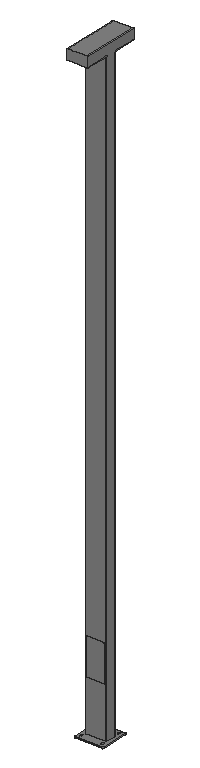
Revit family "Супремус В", category Осветительные приборы, Revit 2019 (continued)
Types (7, lengths in mm): name | Файл фотометрической сетки | built-in parameter 1150105 | Lumens | built-in parameter 1150106 | built-in parameter 1150142 | Wattage | L_общая рассеиватели | ADSK_Фактическая мощность | ADSK_Размер_Высота | ADSK_Номинальная мощность | ADSK_Наименование | ADSK_Масса_Текст | ADSK_Масса | ADSK_Артикул | 2
  ДТУ121с6 Светодиодный светильник Супремус-B ДТУ-121-AF-ДТУП1211(40Вт)+ДТУП1211(40Вт)-5,0 | "DTU-121-AF Supremus B 40W 60°x130°.ies" | 1233.9 (stored number, unit not read) | 8800 lm | 12.339 (stored number, unit not read) | "IESNA:LM-63-1995\r\n[TEST]\t\tALF\r\n[MANUFAC]\tALFRESCO\r\n[LUMCAT]\tDTU-121-AF\r\n[LUMINAIRE]\tDTU-121-AF Supremus B 40W 60°x130°\r\n[LAMP]\t\tOsram_Duris_S8\r\n[DATE]\t\t\r\n[OTHER]\t\t\r\nTILT=NONE\r\n1 3444.0 3.444 361 72 1 2 0.23 0.10 0.00\r\n1.0 1 28.0\r\n0.0 0.5 1.0 1.5 2.0 2.5 3.0 3.5 4.0 4.5 5.0 5.5 6.0 6.5 7.0 7.5 8.0 8.5 9.0 9.5 10.0 10.5 11.0 11.5 12.0 12.5 13.0 13.5 14.0 14.5\r\n 15.0 15.5 16.0 16.5 17.0 17.5 18.0 18.5 19.0 19.5 20.0 20.5 21.0 21.5 22.0 22.5 23.0 23.5 24.0 24.5 25.0 25.5 26.0 26.5 27.0 27.5\r\n 28.0 28.5 29.0 29.5 30.0 30.5 31.0 31.5 32.0 32.5 33.0 33.5 34.0 34.5 35.0 35.5 36.0 36.5 37.0 37.5 38.0 38.5 39.0 39.5 40.0 40.5\r\n 41.0 41.5 42.0 42.5 43.0 43.5 44.0 44.5 45.0 45.5 46.0 46.5 47.0 47.5 48.0 48.5 49.0 49.5 50.0 50.5 51.0 51.5 52.0 52.5 53.0 53.5\r\n 54.0 54.5 55.0 55.5 56.0 56.5 57.0 57.5 58.0 58.5 59.0 59.5 60.0 60.5 61.0 61.5 62.0 62.5 63.0 63.5 64.0 64.5 65.0 65.5 66.0 66.5\r\n 67.0 67.5 68.0 68.5 69.0 69.5 70.0 70.5 71.0 71.5 72.0 72.5 73.0 73.5 74.0 74.5 75.0 75.5 76.0 76.5 77.0 77.5 78.0 78.5 79.0 79.5\r\n 80.0 80.5 81.0 81.5 82.0 82.5 83.0 83.5 84.0 84.5 85.0 85.5 86.0 86.5 87.0 87.5 88.0 88.5 89.0 89.5 90.0 90.5 91.0 91.5 92.0 92.5\r\n 93.0 93.5 94.0 94.5 95.0 95.5 96.0 96.5 97.0 97.5 98.0 98.5 99.0 99.5 100.0 100.5 101.0 101.5 102.0 102.5 103.0 103.5 104.0 104.5\r\n 105.0 105.5 106.0 106.5 107.0 107.5 108.0 108.5 109.0 109.5 110.0 110.5 111.0 111.5 112.0 112.5 113.0 113.5 114.0 114.5 115.0\r\n 115.5 116.0 116.5 117.0 117.5 118.0 118.5 119.0 119.5 120.0 120.5 121.0 121.5 122.0 122.5 123.0 123.5 124.0 124.5 125.0 125.5\r\n 126.0 126.5 127.0 127.5 128.0 128.5 129.0 129.5 130.0 130.5 131.0 131.5 132.0 132.5 133.0 133.5 134.0 134.5 135.0 135.5 136.0\r\n 136.5 137.0 137.5 138.0 138.5 139.0 139.5 140.0 140.5 141.0 141.5 142.0 142.5 143.0 143.5 144.0 144.5 145.0 145.5 146.0 146.5\r\n 147.0 147.5 148.0 148.5 149.0 149.5 150.0 150.5 151.0 151.5 152.0 152.5 153.0 153.5 154.0 154.5 155.0 155.5 156.0 156.5 157.0\r\n 157.5 158.0 158.5 159.0 159.5 160.0 160.5 161.0 161.5 162.0 162.5 163.0 163.5 164.0 164.5 165.0 165.5 166.0 166.5 167.0 167.5\r\n 168.0 168.5 169.0 169.5 170.0 170.5 171.0 171.5 172.0 172.5 173.0 173.5 174.0 174.5 175.0 175.5 176.0 176.5 177.0 177.5 178.0\r\n 178.5 179.0 179.5 180.0\r\n0.0 5.0 10.0 15.0 20.0 25.0 30.0 35.0 40.0 45.0 50.0 55.0 60.0 65.0 70.0 75.0 80.0 85.0 90.0 95.0 100.0 105.0 110.0 115.0 120.0\r\n 125.0 130.0 135.0 140.0 145.0 150.0 155.0 160.0 165.0 170.0 175.0 180.0 185.0 190.0 195.0 200.0 205.0 210.0 215.0 220.0 225.0\r\n 230.0 235.0 240.0 245.0 250.0 255.0 260.0 265.0 270.0 275.0 280.0 285.0 290.0 295.0 300.0 305.0 310.0 315.0 320.0 325.0 330.0\r\n 335.0 340.0 345.0 350.0 355.0 360.0\r\n275.6 275.6 275.4 275.4 275.1 275.0 274.6 274.5 274.0 273.6 273.1 272.6 272.1 271.6 271.2 270.5 269.9 269.3 268.8 268.0 267.4\r\n 266.9 266.3 265.6 265.0 264.5 264.1 263.6 263.2 263.0 262.7 262.5 262.4 262.4 262.3 262.4 262.5 262.8 263.1 263.2 263.6 264.1\r\n 264.6 265.1 265.7 266.3 266.8 267.5 268.0 268.6 269.3 270.0 270.6 271.4 272.2 272.9 274.0 274.8 275.8 276.8 277.9 279.0 280.1\r\n 281.1 282.3 283.5 284.7 286.1 287.2 288.5 289.8 291.2 292.5 294.0 295.6 296.9 298.3 299.9 301.1 302.3 303.8 305.3 307.0 309.2\r\n 310.7 312.1 313.4 315.4 317.5 318.3 318.9 319.8 320.8 321.9 322.8 323.7 324.9 326.2 327.1 328.4 329.9 331.5 333.0 334.7 336.5\r\n 338.5 340.6 342.9 345.1 347.3 349.5 351.3 352.7 353.8 354.6 355.1 355.0 354.6 353.9 353.3 352.9 352.1 350.9 350.0 348.7 346.8\r\n 343.7 340.1 336.0 332.0 328.1 323.5 318.6 314.1 309.6 304.7 300.3 295.5 290.9 286.8 283.6 281.0 278.4 276.0 271.5 265.0 257.4\r\n 247.6 235.1 220.3 205.5 189.6 171.6 151.8 130.1 108.8 90.3 73.3 59.4 45.5 31.5 24.0 18.8 15.4 13.3 11.9 10.7 9.6 8.8 7.9 7.1 6.4\r\n 5.7 5.1 4.4 3.8 3.2 2.6 2.3 2.0 2.0 2.0 2.0 2.0 1.8 1.8 1.6 1.5 1.3 1.1 1.1 1.0 0.9 0.9 0.9 0.9 0.9 0.9 1.0 1.0 1.0 0.0 0.0 0.0\r\n 0.0 0.0 0.0 0.0 0.0 0.0 0.0 0.0 0.0 0.0 0.0 0.0 0.0 0.0 0.0 0.0 0.0 0.0 0.0 0.0 0.0 0.0 0.0 0.0 0.0 0.0 0.0 0.0 0.0 0.0 0.0 0.0\r\n 0.0 0.0 0.0 0.0 0.0 0.0 0.0 0.0 0.0 0.0 0.0 0.0 0.0 0.0 0.0 0.0 0.0 0.0 0.0 0.0 0.0 0.0 0.0 0.0 0.0 0.0 0.0 0.0 0.0 0.0 0.0 0.0\r\n 0.0 0.0 0.0 0.0 0.0 0.0 0.0 0.0 0.0 0.0 0.0 0.0 0.0 0.0 0.0 0.0 0.0 0.0 0.0 0.0 0.0 0.0 0.0 0.0 0.0 0.0 0.0 0.0 0.0 0.0 0.0 0.0\r\n 0.0 0.0 0.0 0.0 0.0 0.0 0.0 0.0 0.0 0.0 0.0 0.0 0.0 0.0 0.0 0.0 0.0 0.0 0.0 0.0 0.0 0.0 0.0 0.0 0.0 0.0 0.0 0.0 0.0 0.0 0.0 0.0\r\n 0.0 0.0 0.0 0.0 0.0 0.0 0.0 0.0 0.0 0.0 0.0 0.0 0.0 0.0 0.0 0.0 0.0 0.0 0.0 0.0 0.0 0.0 0.0 0.0 0.0 0.0 0.0 0.0 0.0\r\n275.6 275.8 276.0 276.1 276.0 276.0 276.0 275.8 275.6 275.4 275.2 275.0 274.6 274.4 274.0 273.7 273.1 272.7 272.5 272.2 271.6\r\n 271.3 270.9 270.4 270.1 269.8 269.6 269.5 269.4 269.3 269.3 269.3 269.5 269.6 269.9 270.2 270.3 270.5 271.1 271.7 272.2 272.8\r\n 273.5 274.2 274.8 275.5 276.2 276.9 277.6 278.4 279.1 279.8 280.4 281.3 282.1 283.0 284.0 284.8 285.9 287.0 288.1 289.3 290.2\r\n 291.4 292.5 294.0 295.3 296.4 297.8 299.2 300.5 301.9 303.5 305.3 306.9 308.6 310.5 312.2 314.0 316.1 318.2 320.4 322.7 325.4\r\n 327.9 330.2 332.3 335.0 337.3 338.6 339.9 341.3 342.8 344.4 345.3 346.3 347.8 349.5 351.3 353.4 355.6 358.0 360.0 362.1 364.4\r\n 366.6 368.9 371.0 373.3 375.5 377.8 379.6 381.5 382.8 383.9 384.9 385.4 385.3 385.1 385.1 384.7 384.1 382.7 381.0 378.8 376.3\r\n 373.0 368.5 363.7 358.7 353.8 348.2 342.3 336.7 330.6 324.5 319.0 314.1 310.2 306.7 304.3 302.4 300.6 298.2 293.4 286.7 277.8\r\n 266.5 251.9 234.3 216.2 198.9 180.1 159.7 138.7 117.6 96.5 78.5 62.9 47.8 36.5 28.1 21.8 17.8 15.1 13.2 11.7 10.5 9.5 8.6 7.6 6.8\r\n 6.1 5.5 4.9 4.5 4.0 3.5 3.0 2.5 2.3 2.2 2.0 1.9 1.7 1.6 1.5 1.4 1.2 1.0 1.0 0.9 0.8 0.8 0.8 0.9 0.9 0.9 0.9 0.9 1.0 0.0 0.0 0.0\r\n 0.0 0.0 0.0 0.0 0.0 0.0 0.0 0.0 0.0 0.0 0.0 0.0 0.0 0.0 0.0 0.0 0.0 0.0 0.0 0.0 0.0 0.0 0.0 0.0 0.0 0.0 0.0 0.0 0.0 0.0 0.0 0.0\r\n 0.0 0.0 0.0 0.0 0.0 0.0 0.0 0.0 0.0 0.0 0.0 0.0 0.0 0.0 0.0 0.0 0.0 0.0 0.0 0.0 0.0 0.0 0.0 0.0 0.0 0.0 0.0 0.0 0.0 0.0 0.0 0.0\r\n 0.0 0.0 0.0 0.0 0.0 0.0 0.0 0.0 0.0 0.0 0.0 0.0 0.0 0.0 0.0 0.0 0.0 0.0 0.0 0.0 0.0 0.0 0.0 0.0 0.0 0.0 0.0 0.0 0.0 0.0 0.0 0.0\r\n 0.0 0.0 0.0 0.0 0.0 0.0 0.0 0.0 0.0 0.0 0.0 0.0 0.0 0.0 0.0 0.0 0.0 0.0 0.0 0.0 0.0 0.0 0.0 0.0 0.0 0.0 0.0 0.0 0.0 0.0 0.0 0.0\r\n 0.0 0.0 0.0 0.0 0.0 0.0 0.0 0.0 0.0 0.0 0.0 0.0 0.0 0.0 0.0 0.0 0.0 0.0 0.0 0.0 0.0 0.0 0.0 0.0 0.0 0.0 0.0 0.0 0.0\r\n275.6 276.1 276.5 276.7 276.9 277.1 277.2 277.4 277.5 277.4 277.4 277.4 277.3 277.2 277.0 277.0 276.8 276.7 276.7 276.6 276.4\r\n 276.2 276.1 276.0 275.9 276.0 276.1 276.2 276.4 276.6 276.9 277.2 277.6 278.0 278.5 278.7 279.2 279.7 280.4 281.3 281.9 282.7\r\n 283.7 284.4 285.3 286.3 287.0 288.1 289.0 289.8 290.7 291.6 292.4 293.5 294.4 295.4 296.4 297.5 298.5 299.6 300.8 301.9 303.1\r\n 304.1 305.5 306.8 308.2 309.5 311.0 312.6 314.2 315.9 317.7 319.5 321.7 323.9 326.0 328.4 330.6 333.0 335.8 338.6 341.5 344.9\r\n 348.0 350.8 353.8 357.6 359.8 361.7 363.6 365.7 367.6 369.1 370.7 372.2 373.9 375.9 378.3 380.3 382.6 384.7 386.8 388.8 390.9\r\n 393.4 395.9 398.6 401.8 405.1 408.0 410.1 412.3 414.2 415.4 416.7 418.1 418.9 418.6 418.2 417.3 415.9 413.1 409.5 405.5 400.6\r\n 395.6 389.1 381.5 374.1 367.2 360.6 353.6 346.5 339.9 332.8 326.5 321.5 317.8 315.1 313.2 311.4 309.6 307.5 303.5 296.2 286.7\r\n 274.5 259.0 241.1 222.7 204.6 186.2 166.7 146.6 124.5 102.4 83.0 66.8 54.4 42.0 34.0 27.7 23.0 19.7 17.4 15.4 13.7 12.2 10.8 9.5\r\n 8.4 7.5 6.7 6.0 5.4 4.7 4.0 3.2 2.8 2.7 2.5 2.3 2.2 1.9 1.7 1.4 1.3 1.1 1.0 0.9 0.9 0.8 0.8 0.8 0.8 0.8 0.8 0.9 0.9 0.9 0.0 0.0\r\n 0.0 0.0 0.0 0.0 0.0 0.0 0.0 0.0 0.0 0.0 0.0 0.0 0.0 0.0 0.0 0.0 0.0 0.0 0.0 0.0 0.0 0.0 0.0 0.0 0.0 0.0 0.0 0.0 0.0 0.0 0.0 0.0\r\n 0.0 0.0 0.0 0.0 0.0 0.0 0.0 0.0 0.0 0.0 0.0 0.0 0.0 0.0 0.0 0.0 0.0 0.0 0.0 0.0 0.0 0.0 0.0 0.0 0.0 0.0 0.0 0.0 0.0 0.0 0.0 0.0\r\n 0.0 0.0 0.0 0.0 0.0 0.0 0.0 0.0 0.0 0.0 0.0 0.0 0.0 0.0 0.0 0.0 0.0 0.0 0.0 0.0 0.0 0.0 0.0 0.0 0.0 0.0 0.0 0.0 0.0 0.0 0.0 0.0\r\n 0.0 0.0 0.0 0.0 0.0 0.0 0.0 0.0 0.0 0.0 0.0 0.0 0.0 0.0 0.0 0.0 0.0 0.0 0.0 0.0 0.0 0.0 0.0 0.0 0.0 0.0 0.0 0.0 0.0 0.0 0.0 0.0\r\n 0.0 0.0 0.0 0.0 0.0 0.0 0.0 0.0 0.0 0.0 0.0 0.0 0.0 0.0 0.0 0.0 0.0 0.0 0.0 0.0 0.0 0.0 0.0 0.0 0.0 0.0 0.0 0.0 0.0 0.0\r\n275.6 276.3 276.8 277.3 277.7 278.4 278.7 279.0 279.3 279.6 279.8 280.0 280.2 280.4 280.6 280.6 280.9 281.1 281.3 281.5 281.7\r\n 281.7 282.0 282.2 282.4 282.8 283.3 283.5 284.0 284.6 285.2 285.8 286.4 287.0 287.5 288.1 288.9 289.7 290.6 291.5 292.4 293.5\r\n 294.5 295.7 296.8 298.0 299.1 300.1 301.3 302.4 303.6 304.8 306.0 306.9 308.0 309.1 310.2 311.3 312.6 313.7 314.9 315.9 317.0\r\n 318.3 319.5 320.8 322.5 324.0 325.7 327.5 329.4 331.3 333.5 335.8 338.3 341.0 343.7 346.8 349.9 352.9 356.0 359.2 362.4 365.5\r\n 369.0 372.3 375.2 379.1 381.7 383.3 385.5 387.7 389.9 392.0 394.2 396.4 399.0 402.0 404.7 407.5 410.5 413.1 415.5 418.2 420.7\r\n 423.2 425.5 427.8 430.1 433.0 435.6 437.9 439.5 441.0 442.1 442.9 443.2 443.5 443.3 442.0 439.9 436.6 432.7 427.8 422.8 416.7\r\n 409.6 401.5 392.6 382.9 372.3 362.7 353.2 344.9 336.4 327.6 319.6 313.1 308.1 304.8 301.6 298.0 295.3 293.3 290.2 285.5 278.1\r\n 268.9 257.0 241.8 225.0 207.5 190.2 174.2 157.5 137.7 117.8 98.0 80.6 66.7 54.7 44.5 36.9 30.9 26.3 23.0 20.5 18.1 16.0 14.2 12.7\r\n 11.3 10.1 8.9 7.9 6.8 5.8 5.0 4.4 3.7 3.2 2.8 2.6 2.3 2.0 1.8 1.6 1.3 1.1 0.9 0.9 0.8 0.7 0.7 0.7 0.7 0.8 0.8 0.8 0.8 0.8 0.0 0.0\r\n 0.0 0.0 0.0 0.0 0.0 0.0 0.0 0.0 0.0 0.0 0.0 0.0 0.0 0.0 0.0 0.0 0.0 0.0 0.0 0.0 0.0 0.0 0.0 0.0 0.0 0.0 0.0 0.0 0.0 0.0 0.0 0.0\r\n 0.0 0.0 0.0 0.0 0.0 0.0 0.0 0.0 0.0 0.0 0.0 0.0 0.0 0.0 0.0 0.0 0.0 0.0 0.0 0.0 0.0 0.0 0.0 0.0 0.0 0.0 0.0 0.0 0.0 0.0 0.0 0.0\r\n 0.0 0.0 0.0 0.0 0.0 0.0 0.0 0.0 0.0 0.0 0.0 0.0 0.0 0.0 0.0 0.0 0.0 0.0 0.0 0.0 0.0 0.0 0.0 0.0 0.0 0.0 0.0 0.0 0.0 0.0 0.0 0.0\r\n 0.0 0.0 0.0 0.0 0.0 0.0 0.0 0.0 0.0 0.0 0.0 0.0 0.0 0.0 0.0 0.0 0.0 0.0 0.0 0.0 0.0 0.0 0.0 0.0 0.0 0.0 0.0 0.0 0.0 0.0 0.0 0.0\r\n 0.0 0.0 0.0 0.0 0.0 0.0 0.0 0.0 0.0 0.0 0.0 0.0 0.0 0.0 0.0 0.0 0.0 0.0 0.0 0.0 0.0 0.0 0.0 0.0 0.0 0.0 0.0 0.0 0.0 0.0\r\n275.6 276.5 277.1 277.9 278.7 279.3 279.9 280.5 281.1 281.6 282.1 282.5 283.0 283.5 283.9 284.5 285.0 285.7 286.2 286.8 287.3\r\n 287.7 288.4 289.0 289.4 290.0 290.8 291.5 292.2 293.1 293.9 294.5 295.1 295.9 296.6 297.3 298.2 299.0 299.9 301.0 302.0 303.2\r\n 304.4 305.8 306.9 308.4 309.5 310.9 312.5 313.6 314.9 316.1 317.3 318.2 319.1 320.2 321.2 322.3 323.2 324.2 325.2 326.4 327.8\r\n 328.8 330.2 331.6 333.3 335.0 336.9 338.8 341.0 343.3 345.6 348.3 351.3 354.7 358.0 361.5 364.6 367.8 370.9 374.4 377.8 381.6\r\n 385.5 389.2 392.6 396.5 399.8 401.8 404.5 407.2 409.6 411.9 414.3 417.0 419.9 422.6 425.3 428.1 431.1 434.1 437.0 440.0 443.1\r\n 446.3 449.4 452.9 455.6 458.1 460.2 462.0 463.3 463.7 463.4 462.6 461.1 458.9 456.5 453.6 449.6 444.6 438.6 432.3 425.5 418.1\r\n 409.8 400.5 391.0 379.6 368.1 355.7 343.7 332.8 322.6 313.7 304.8 296.6 289.6 284.2 280.3 277.1 274.0 270.8 267.2 263.5 258.3\r\n 251.5 241.9 230.0 216.6 201.9 186.4 171.2 157.1 142.6 126.2 108.2 90.7 76.1 64.7 54.8 45.0 38.2 32.8 28.6 25.1 22.3 19.7 17.3\r\n 15.4 13.6 11.9 10.4 9.1 7.8 6.8 5.7 4.7 4.1 3.6 3.2 2.9 2.7 2.3 2.0 1.7 1.5 1.3 1.2 0.9 0.8 0.7 0.7 0.7 0.7 0.7 0.7 0.7 0.7 0.7\r\n 0.0 0.0 0.0 0.0 0.0 0.0 0.0 0.0 0.0 0.0 0.0 0.0 0.0 0.0 0.0 0.0 0.0 0.0 0.0 0.0 0.0 0.0 0.0 0.0 0.0 0.0 0.0 0.0 0.0 0.0 0.0 0.0\r\n 0.0 0.0 0.0 0.0 0.0 0.0 0.0 0.0 0.0 0.0 0.0 0.0 0.0 0.0 0.0 0.0 0.0 0.0 0.0 0.0 0.0 0.0 0.0 0.0 0.0 0.0 0.0 0.0 0.0 0.0 0.0 0.0\r\n 0.0 0.0 0.0 0.0 0.0 0.0 0.0 0.0 0.0 0.0 0.0 0.0 0.0 0.0 0.0 0.0 0.0 0.0 0.0 0.0 0.0 0.0 0.0 0.0 0.0 0.0 0.0 0.0 0.0 0.0 0.0 0.0\r\n 0.0 0.0 0.0 0.0 0.0 0.0 0.0 0.0 0.0 0.0 0.0 0.0 0.0 0.0 0.0 0.0 0.0 0.0 0.0 0.0 0.0 0.0 0.0 0.0 0.0 0.0 0.0 0.0 0.0 0.0 0.0 0.0\r\n 0.0 0.0 0.0 0.0 0.0 0.0 0.0 0.0 0.0 0.0 0.0 0.0 0.0 0.0 0.0 0.0 0.0 0.0 0.0 0.0 0.0 0.0 0.0 0.0 0.0 0.0 0.0 0.0 0.0 0.0 0.0 0.0\r\n275.6 276.8 277.7 278.6 279.6 280.4 281.3 282.3 283.0 283.9 284.7 285.5 286.3 287.1 288.0 288.9 289.8 290.8 291.8 292.5 293.3\r\n 294.1 294.9 295.9 296.6 297.5 298.2 299.1 299.9 300.9 301.7 302.5 303.2 304.0 304.8 305.6 306.5 307.3 308.3 309.4 310.5 311.6\r\n 313.1 314.2 315.5 316.7 318.1 319.2 320.7 321.9 323.1 324.3 325.3 326.3 327.4 328.3 329.1 330.1 330.9 332.0 333.0 334.1 335.5\r\n 336.7 338.1 339.5 341.2 342.8 344.8 347.1 349.4 351.9 354.6 357.6 360.8 364.0 367.0 370.3 373.8 377.5 381.5 385.2 388.9 392.5\r\n 396.3 399.9 403.7 407.6 411.2 414.3 417.3 420.5 423.1 425.7 428.1 430.6 433.8 436.9 440.2 443.8 447.1 450.6 454.2 457.3 460.4\r\n 463.4 465.7 468.6 471.4 474.0 476.3 477.9 479.0 479.3 477.8 474.9 471.3 466.5 461.7 456.5 450.4 444.2 438.4 431.7 423.9 415.8\r\n 407.8 398.9 388.6 377.5 366.1 354.0 342.0 330.3 318.1 306.5 295.8 285.8 276.5 267.0 258.7 251.0 244.9 239.2 233.6 228.2 222.4\r\n 215.5 207.3 198.4 188.9 178.9 169.1 159.2 148.6 135.9 123.3 110.6 96.7 82.9 71.7 62.1 53.2 45.6 39.2 34.1 30.0 26.5 23.4 20.8\r\n 18.3 15.7 13.8 12.1 10.7 9.4 8.0 7.0 6.2 5.1 4.2 3.5 3.2 3.0 2.6 2.2 2.0 1.8 1.6 1.4 1.2 1.1 0.9 0.7 0.6 0.6 0.6 0.6 0.6 0.7 0.7\r\n 0.0 0.0 0.0 0.0 0.0 0.0 0.0 0.0 0.0 0.0 0.0 0.0 0.0 0.0 0.0 0.0 0.0 0.0 0.0 0.0 0.0 0.0 0.0 0.0 0.0 0.0 0.0 0.0 0.0 0.0 0.0 0.0\r\n 0.0 0.0 0.0 0.0 0.0 0.0 0.0 0.0 0.0 0.0 0.0 0.0 0.0 0.0 0.0 0.0 0.0 0.0 0.0 0.0 0.0 0.0 0.0 0.0 0.0 0.0 0.0 0.0 0.0 0.0 0.0 0.0\r\n 0.0 0.0 0.0 0.0 0.0 0.0 0.0 0.0 0.0 0.0 0.0 0.0 0.0 0.0 0.0 0.0 0.0 0.0 0.0 0.0 0.0 0.0 0.0 0.0 0.0 0.0 0.0 0.0 0.0 0.0 0.0 0.0\r\n 0.0 0.0 0.0 0.0 0.0 0.0 0.0 0.0 0.0 0.0 0.0 0.0 0.0 0.0 0.0 0.0 0.0 0.0 0.0 0.0 0.0 0.0 0.0 0.0 0.0 0.0 0.0 0.0 0.0 0.0 0.0 0.0\r\n 0.0 0.0 0.0 0.0 0.0 0.0 0.0 0.0 0.0 0.0 0.0 0.0 0.0 0.0 0.0 0.0 0.0 0.0 0.0 0.0 0.0 0.0 0.0 0.0 0.0 0.0 0.0 0.0 0.0 0.0 0.0 0.0\r\n275.6 276.9 278.1 279.3 280.4 281.6 282.6 283.9 285.1 286.2 287.2 288.6 289.6 290.9 292.1 293.5 294.5 295.9 297.0 298.0 298.9\r\n 300.1 301.1 302.1 303.0 303.8 304.7 305.8 306.9 307.7 308.6 309.4 310.2 311.1 311.7 312.4 313.3 314.1 315.2 316.3 317.5 318.7\r\n 320.0 321.4 322.9 324.0 325.4 326.6 327.8 328.8 329.8 330.7 331.5 332.4 333.2 334.0 335.0 335.6 336.4 337.7 338.3 339.4 340.6\r\n 341.8 343.0 344.5 345.9 347.8 349.7 352.1 354.5 357.1 360.0 363.2 366.4 369.5 372.7 375.8 379.2 382.5 386.2 389.8 392.9 396.3\r\n 399.6 403.4 407.6 412.4 416.8 420.7 424.4 428.7 432.0 434.6 437.4 440.2 443.4 447.0 451.0 454.6 458.2 461.2 464.1 467.4 470.9\r\n 474.5 477.9 480.3 482.1 482.9 482.6 481.5 480.4 479.0 476.8 473.5 469.4 464.3 458.9 453.1 447.3 440.2 432.1 424.6 416.8 408.5\r\n 399.1 389.3 379.7 369.3 358.1 346.1 333.5 321.0 308.5 295.5 282.5 270.1 257.5 244.9 232.9 221.4 209.8 198.6 188.4 180.3 172.3\r\n 164.8 157.7 151.2 144.3 136.7 128.2 119.8 111.6 103.1 94.0 84.8 75.9 67.6 60.5 53.6 47.1 41.0 35.9 31.7 28.0 24.8 21.9 19.5 17.1\r\n 14.9 13.0 11.4 10.0 8.6 7.6 6.8 6.1 5.2 4.5 4.1 3.8 3.5 3.1 2.7 2.4 2.1 2.0 1.7 1.5 1.2 1.0 0.9 0.8 0.7 0.6 0.5 0.4 0.3 0.1 0.0\r\n 0.0 0.0 0.0 0.0 0.0 0.0 0.0 0.0 0.0 0.0 0.0 0.0 0.0 0.0 0.0 0.0 0.0 0.0 0.0 0.0 0.0 0.0 0.0 0.0 0.0 0.0 0.0 0.0 0.0 0.0 0.0 0.0\r\n 0.0 0.0 0.0 0.0 0.0 0.0 0.0 0.0 0.0 0.0 0.0 0.0 0.0 0.0 0.0 0.0 0.0 0.0 0.0 0.0 0.0 0.0 0.0 0.0 0.0 0.0 0.0 0.0 0.0 0.0 0.0 0.0\r\n 0.0 0.0 0.0 0.0 0.0 0.0 0.0 0.0 0.0 0.0 0.0 0.0 0.0 0.0 0.0 0.0 0.0 0.0 0.0 0.0 0.0 0.0 0.0 0.0 0.0 0.0 0.0 0.0 0.0 0.0 0.0 0.0\r\n 0.0 0.0 0.0 0.0 0.0 0.0 0.0 0.0 0.0 0.0 0.0 0.0 0.0 0.0 0.0 0.0 0.0 0.0 0.0 0.0 0.0 0.0 0.0 0.0 0.0 0.0 0.0 0.0 0.0 0.0 0.0 0.0\r\n 0.0 0.0 0.0 0.0 0.0 0.0 0.0 0.0 0.0 0.0 0.0 0.0 0.0 0.0 0.0 0.0 0.0 0.0 0.0 0.0 0.0 0.0 0.0 0.0 0.0 0.0 0.0 0.0 0.0 0.0 0.0\r\n275.6 277.0 278.4 279.8 281.3 282.5 284.0 285.3 286.9 288.4 289.8 291.3 293.1 294.4 296.1 297.6 299.3 300.6 301.8 303.1 304.3\r\n 305.4 306.5 307.7 308.6 309.5 310.5 311.6 312.7 313.5 314.2 315.0 316.1 317.0 318.0 319.1 320.3 321.4 322.7 323.3 324.3 325.4\r\n 326.1 327.0 327.9 328.9 330.0 330.9 332.0 332.9 333.5 334.5 335
